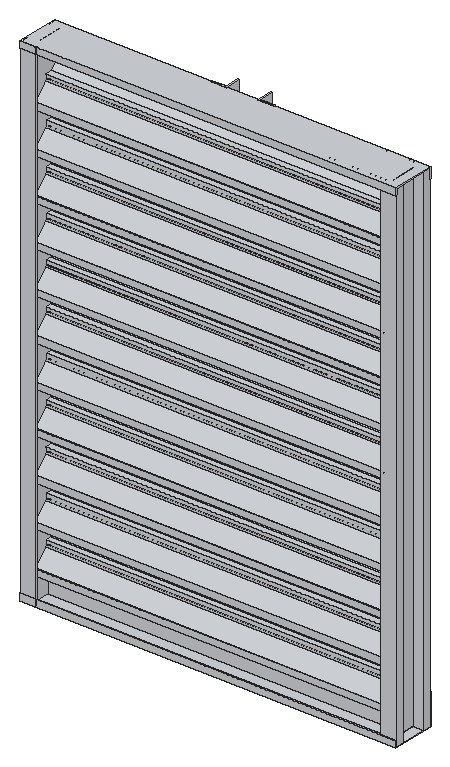
Revit family "SAFL-D-4", category Mechanical Equipment, Revit 2015
Parameters
  URL = "https://unitedenertech.com/catalog/pdf/A_29%20SAFL-D-4.pdf"
  Type Comments = "Max. Single Section Size is (48\"w x 72\"h)"
  Model = "SAFL-D-4"
  Manufacturer = "United Enertech Corporation"
  Exact Width = 3' - 0"
  Exact Height = 4' - 0"
  Description = "4\" Adjustable / Drainable Steel Louver"
  Depth = 0' - 4.0956"
  Blade Spacing [instance] = 0' - 4"
  Blade Number [instance] = (Exact Height - 0' 4 1/2") / Blade Spacing  # 11
  BW [instance] = Exact Width - 0' 2 3/32" - 0' 0 1/8"  # 2' - 9 25/32"
Reference planes (in)
  plane 1 "Center (Front/Back)": y = 0
  plane 2: z = 0
  plane 3 "Center (Left/Right)": x = 0
  plane 4: z = 24
  plane 5: z = 48
  plane 6: x = -18
  plane 7: x = 18
  plane 8: y = -4.0956
  plane 9: z = 0.0478
  plane 10: z = 47.9522
  plane 11: y = -0.0478
  plane 12: y = -4.0478
  plane 13: y = -4
  plane 14: z = 47.4522
  plane 15: x = -3
  plane 16: x = 3
  plane 17: z = 46.13561
  plane 18: z = 3
  plane 19: z = 46.90464
  plane 20: x = 17
  plane 21: x = -17
  plane 22: z = 46.44973
Forms (in)
  Extrusion 1, solid
    sketch origin (34.90286, -55.01531, -11.50264) x (0, 1, 0) y (0, 0, 1)
      loop
        line (50.96751, 12.12764) -> (50.91971, 12.12764) -> (50.91971, 11.50264) -> (55.01531, 11.50264) -> (55.01531, 14.50264) -> (54.96751, 14.50264) -> (54.96751, 11.55044) -> (50.96751, 11.55044) -> (50.96751, 12.12764)
    from -52.90286 to -16.90286
  Extrusion 2, solid
    sketch origin (3, -48.37133, 17.64653) x (0, 1, 0) y (0, 0, 1)
      loop
        line (44.27573, 30.35347) -> (44.27573, 29.72847) -> (44.32353, 29.72847) -> (44.32353, 30.30567) -> (48.32353, 30.30567) -> (48.32353, 29.35347) -> (48.37133, 29.35347) -> (48.37133, 30.35347) -> (44.27573, 30.35347)
    from -21 to 15
  Extrusion 3, solid
    sketch origin (-56.98911, -20.29061, 0) x (1, 0, 0) y (0, 1, 0)
      loop
        line (40.48911, 20.19501) -> (40.48911, 20.24281) -> (38.98911, 20.24281) -> (38.98911, 19.49281) -> (39.98911, 19.49281) -> (39.98911, 16.99281) -> (38.98911, 16.99281) -> (38.98911, 16.24281) -> (40.48911, 16.24281) -> (40.48911, 16.29061) -> (39.03691, 16.29061) -> (39.03691, 16.94501) -> (40.03691, 16.94501) -> (40.03691, 19.54061) -> (39.03691, 19.54061) -> (39.03691, 20.19501) -> (40.48911, 20.19501)
    from 0.0478 to 47.9522
  Extrusion 4, solid
    sketch origin (56.98911, -20.29061, 0) x (-1, 0, 0) y (0, -1, 0)
      loop
        line (40.48911, -20.19501) -> (39.03691, -20.19501) -> (39.03691, -19.54061) -> (40.03691, -19.54061) -> (40.03691, -16.94501) -> (39.03691, -16.94501) -> (39.03691, -16.29061) -> (40.48911, -16.29061) -> (40.48911, -16.24281) -> (38.98911, -16.24281) -> (38.98911, -16.99281) -> (39.98911, -16.99281) -> (39.98911, -19.49281) -> (38.98911, -19.49281) -> (38.98911, -20.24281) -> (40.48911, -20.24281) -> (40.48911, -20.19501)
    from 0.0478 to 47.9522
  Extrusion 5, solid
    sketch origin (0, 0, 0) x (1, 0, 0) y (0, 1, 0)
      loop
        line (-3, 0) -> (-1.5, 0) -> (-1.5, 1.5) -> (-1.625, 1.5) -> (-1.625, 0.125) -> (-3, 0.125) -> (-3, 0)
    from 0 to 48
  Extrusion 6, solid
    sketch origin (0, 0, 0) x (-1, 0, 0) y (0, -1, 0)
      loop
        line (-3, 0) -> (-3, -0.125) -> (-1.625, -0.125) -> (-1.625, -1.5) -> (-1.5, -1.5) -> (-1.5, 0) -> (-3, 0)
    from 0 to 48
  Extrusion 7, solid
    sketch origin (0, 0, 0) x (1, 0, 0) y (0, 1, 0)
      loop
        circle (0, 0.6381) r 0.17048
    from 3 to 46.90464
  Extrusion 8, solid
    sketch origin (0, 0, 0) x (0, 1, 0) y (0, 0, 1)
      loop
        line (-2.0478, 0.0478) -> (-0.5478, 0.0478) -> (-0.5478, 0.1728) -> (-1.9228, 0.1728) -> (-1.9228, 1.5478) -> (-2.0478, 1.5478) -> (-2.0478, 0.0478)
    from -17 to 17
  Extrusion 9, solid
    sketch origin (0, 0, 0) x (0, 1, 0) y (0, 0, 1)
      loop
        line (-2.0478, 47.9522) -> (-3.5478, 47.9522) -> (-3.5478, 47.8272) -> (-2.1728, 47.8272) -> (-2.1728, 46.4522) -> (-2.0478, 46.4522) -> (-2.0478, 47.9522)
    from -17 to 17
Dimensions and locks (in)
  equal spacing: plane 5, plane 4, level
  "Exact Height": plane 5 to level
  equal spacing: plane 6, plane 3 "Center (Left/Right)", plane 7
  "Exact Width": plane 6 to plane 7
  "Depth": plane 1 "Center (Front/Back)" to plane 8
  locked: plane 9 to level at 0.0478
  locked: plane 5 to plane 10 at 0.0478
  locked: plane 12 to plane 8 at 0.0478
  locked: plane 1 "Center (Front/Back)" to plane 11 at 0.0478
  locked: plane 13 to plane 8 at 0.0956
  locked: plane 5 to plane 14 at 0.5478
  equal spacing: plane 15, plane 3 "Center (Left/Right)", plane 16
  locked: plane 15 to plane 16 at 6
  locked: plane 5 to plane 17 at 1.86439
  equal spacing: group 1, group 2, group 3, group 4, group 5, group 6, group 7, group 8, group 17, group 19, group 20  (x2)
  equal spacing: group 20, group 19, group 17, group 8, group 7, group 6, group 5, group 4, group 3, group 2, group 1
  "Blade Spacing": nested 1 to nested 2
  locked: level to plane 18 at 3
  locked: plane 20 to plane 7 at 1
  locked: plane 6 to plane 21 at 1
  locked: plane 5 to plane 19 at 1.09536
  locked: plane 22 to plane 5 at 1.55027
  equal spacing: group 9, group 10, group 11, group 12, group 13, group 14, group 15, group 16, group 18, group 21, group 22  (x2)
  equal spacing: group 22, group 21, group 18, group 16, group 15, group 14, group 13, group 12, group 11, group 10, group 9
  "Blade Spacing": nested 10 to nested 9
  aligned and locked: level to plane 2
  aligned and locked: plane 6 to Extrusion 1
  aligned and locked: plane 7 to Extrusion 1
  aligned and locked: plane 5 to Extrusion 2
  aligned and locked: plane 6 to Extrusion 2
  aligned and locked: plane 7 to Extrusion 2
  aligned and locked: plane 6 to Extrusion 3
  aligned and locked: plane 7 to Extrusion 4
  aligned and locked: Extrusion 4 to plane 9
  aligned and locked: Extrusion 3 to plane 9
  aligned and locked: plane 10 to Extrusion 3
  aligned and locked: plane 10 to Extrusion 4
  aligned and locked: Extrusion 5 to level
  aligned and locked: Extrusion 6 to level
  aligned and locked: plane 5 to Extrusion 5
  aligned and locked: plane 5 to Extrusion 6
  aligned and locked: nested 1 to plane 17
  aligned and locked: Extrusion 7 to Extrusion 1
  aligned and locked: plane 19 to Extrusion 7
  aligned and locked: plane 21 to Extrusion 8
  aligned and locked: plane 20 to Extrusion 8
  aligned and locked: plane 21 to Extrusion 9
  aligned and locked: plane 20 to Extrusion 9
  aligned and locked: plane 3 "Center (Left/Right)" to nested 9
  aligned and locked: nested 9 to plane 13
  aligned and locked: nested 9 to plane 22
Automatic sketch dimensions
  Extrusion 1 sketch curve to plane 8 = 0' - 0"
  Extrusion 1 sketch curve to plane 12 = 0' - 0"
  plane 9 to Extrusion 1 sketch curve = 0' - 0"
  Extrusion 1 sketch curve to plane 11 = 0' - 0"
  Extrusion 1 sketch curve to level = 0' - 0"
  Extrusion 1 sketch curve to plane 1 "Center (Front/Back)" = 0' - 0"
  plane 9 to Extrusion 1 sketch curve = 0' - 0.5772"
  plane 9 to Extrusion 1 sketch curve = 0' - 2.9522"
  Extrusion 3 sketch curve to plane 6 = 0' - 0"  (x2)
  Extrusion 3 sketch curve to plane 13 = 0' - 0"
  Extrusion 3 sketch curve to plane 12 = 0' - 0"
  Extrusion 3 sketch curve to plane 11 = 0' - 0"
  Extrusion 3 sketch curve to plane 6 = 0' - 0.0478"  (x2)
  Extrusion 3 sketch curve to Extrusion 3 sketch curve = 0' - 0.9522"
  Extrusion 3 sketch curve to Extrusion 3 sketch curve = 0' - 0.0478"  (x3)
  Extrusion 3 sketch curve to Extrusion 3 sketch curve = 0' - 0.4522"  (x2)
  Extrusion 3 sketch curve to plane 11 = 0' - 0.0478"
  plane 13 to Extrusion 3 sketch curve = 0' - 0.6544"
  Extrusion 3 sketch curve to plane 11 = 0' - 0 3/4"
  Extrusion 4 sketch curve to plane 7 = 0' - 0"  (x2)
  Extrusion 4 sketch curve to plane 13 = 0' - 0"
  Extrusion 4 sketch curve to plane 12 = 0' - 0"
  Extrusion 4 sketch curve to plane 11 = 0' - 0"
  plane 7 to Extrusion 4 sketch curve = 0' - 0.0478"  (x2)
  Extrusion 4 sketch curve to Extrusion 4 sketch curve = 0' - 0.9522"
  Extrusion 4 sketch curve to Extrusion 4 sketch curve = 0' - 0.0478"  (x3)
  Extrusion 4 sketch curve to Extrusion 4 sketch curve = 0' - 0.4522"  (x2)
  plane 11 to Extrusion 4 sketch curve = 0' - 0.0478"
  Extrusion 4 sketch curve to Extrusion 4 sketch curve = 0' - 0.6544"
  plane 11 to Extrusion 4 sketch curve = 0' - 0 3/4"
  plane 1 "Center (Front/Back)" to Extrusion 5 sketch curve = 0' - 0"
  Extrusion 5 sketch curve to plane 15 = 0' - 0"
  plane 15 to Extrusion 5 sketch curve = 0' - 1 3/8"
  Extrusion 5 sketch curve to Extrusion 5 sketch curve = 0' - 0 1/8"  (x2)
  Extrusion 5 sketch curve to Extrusion 5 sketch curve = 0' - 1 3/8"
  plane 1 "Center (Front/Back)" to Extrusion 6 sketch curve = 0' - 0"
  Extrusion 6 sketch curve to plane 16 = 0' - 0"
  Extrusion 6 sketch curve to plane 16 = 0' - 1 3/8"
  Extrusion 6 sketch curve to Extrusion 6 sketch curve = 0' - 0 1/8"  (x2)
  Extrusion 6 sketch curve to Extrusion 6 sketch curve = 0' - 1 3/8"
  Extrusion 7 sketch curve to plane 3 "Center (Left/Right)" = 0' - 0"
  Extrusion 7 sketch curve to plane 1 "Center (Front/Back)" = 0' - 0.6381"
  Extrusion 8 sketch curve to plane 9 = 0' - 0"
  plane 13 to Extrusion 8 sketch curve = 0' - 1.9522"
  Extrusion 8 sketch curve to Extrusion 8 sketch curve = 0' - 0 1/8"
  plane 9 to Extrusion 8 sketch curve = 0' - 0 1/8"
  Extrusion 8 sketch curve to plane 11 = 0' - 0 1/2"
  Extrusion 8 sketch curve to Extrusion 8 sketch curve = 0' - 1 3/8"
  Extrusion 2 sketch curve to plane 8 = 0' - 0"
  Extrusion 2 sketch curve to plane 10 = 0' - 0"
  Extrusion 2 sketch curve to plane 12 = 0' - 0"
  Extrusion 2 sketch curve to plane 11 = 0' - 0"
  Extrusion 2 sketch curve to plane 1 "Center (Front/Back)" = 0' - 0"
  Extrusion 2 sketch curve to plane 5 = 0' - 0"
  plane 19 to Extrusion 2 sketch curve = 0' - 0.09536"
  Extrusion 2 sketch curve to plane 14 = 0' - 0.0772"
  Extrusion 9 sketch curve to plane 10 = 0' - 0"
  Extrusion 9 sketch curve to plane 10 = 0' - 0 1/8"
  plane 13 to Extrusion 9 sketch curve = 0' - 0.4522"
  Extrusion 9 sketch curve to Extrusion 9 sketch curve = 0' - 1 3/8"
  Extrusion 9 sketch curve to Extrusion 9 sketch curve = 0' - 0 1/8"
  plane 17 to Extrusion 9 sketch curve = 0' - 0.31659"
  radius of Extrusion 7 sketch curve = 0' - 0.17048"
Nested families (in)
  nested 1: "AFLBRACK" at (2.67149, -1.35707, 45.15922) x (1, 0, 0) z (0, 0.7193, -0.6947), type "AFLBRACK"
  nested 2: "AFLBRACK" at (2.67149, -1.35707, 41.15922) x (1, 0, 0) z (0, 0.7193, -0.6947), type "AFLBRACK"
  nested 3: "AFLBRACK" at (2.67149, -1.35707, 37.15922) x (1, 0, 0) z (0, 0.7193, -0.6947), type "AFLBRACK"
  nested 4: "AFLBRACK" at (2.67149, -1.35707, 33.15922) x (1, 0, 0) z (0, 0.7193, -0.6947), type "AFLBRACK"
  nested 5: "AFLBRACK" at (2.67149, -1.35707, 29.15922) x (1, 0, 0) z (0, 0.7193, -0.6947), type "AFLBRACK"
  nested 6: "AFLBRACK" at (2.67149, -1.35707, 25.15922) x (1, 0, 0) z (0, 0.7193, -0.6947), type "AFLBRACK"
  nested 7: "AFLBRACK" at (2.67149, -1.35707, 21.15922) x (1, 0, 0) z (0, 0.7193, -0.6947), type "AFLBRACK"
  nested 8: "AFLBRACK" at (2.67149, -1.35707, 17.15922) x (1, 0, 0) z (0, 0.7193, -0.6947), type "AFLBRACK"
  nested 9: "Blades" at (0, 0.71348, 42.21593), type "Blades"
    with BW 2' - 9 25/32"
  nested 10: "Blades" at (0, 0.71348, 38.21593), type "Blades"
    with BW 2' - 9 25/32"
  nested 11: "Blades" at (0, 0.71348, 34.21593), type "Blades"
    with BW 2' - 9 25/32"
  nested 12: "Blades" at (0, 0.71348, 30.21593), type "Blades"
    with BW 2' - 9 25/32"
  nested 13: "Blades" at (0, 0.71348, 26.21593), type "Blades"
    with BW 2' - 9 25/32"
  nested 14: "Blades" at (0, 0.71348, 22.21593), type "Blades"
    with BW 2' - 9 25/32"
  nested 15: "Blades" at (0, 0.71348, 18.21593), type "Blades"
    with BW 2' - 9 25/32"
  nested 16: "Blades" at (0, 0.71348, 14.21593), type "Blades"
    with BW 2' - 9 25/32"
  nested 17: "AFLBRACK" at (2.67149, -1.35707, 13.15922) x (1, 0, 0) z (0, 0.7193, -0.6947), type "AFLBRACK"
  nested 18: "Blades" at (0, 0.71348, 10.21593), type "Blades"
    with BW 2' - 9 25/32"
  nested 19: "AFLBRACK" at (2.67149, -1.35707, 9.15922) x (1, 0, 0) z (0, 0.7193, -0.6947), type "AFLBRACK"
  nested 20: "AFLBRACK" at (2.67149, -1.35707, 5.15922) x (1, 0, 0) z (0, 0.7193, -0.6947), type "AFLBRACK"
  nested 21: "Blades" at (0, 0.71348, 6.21593), type "Blades"
    with BW 2' - 9 25/32"
  nested 22: "Blades" at (0, 0.71348, 2.21593), type "Blades"
    with BW 2' - 9 25/32"
Definition of nested family "AFLBRACK"
  Reference planes (in)
    plane 1 "Center (Front/Back)": y = 0
    plane 2: z = 0
    plane 3 "Center (Left/Right)": x = 0
  Forms (in)
    Extrusion 1, solid
      sketch origin (-2.68978, 0, 0) x (1, 0, 0) y (0, 1, 0)
        loop
          line (-0.87301, 0.90078) -> (-0.86465, 0.86958) -> (-0.8419, 0.84683) -> (-0.8093, 0.83809) -> (-0.779, 0.84621) -> (-0.75683, 0.86838) -> (-0.74808, 0.90104) -> (-0.77994, 0.95397) -> (-0.81168, 0.96248) -> (-0.8425, 0.95422) -> (-0.86483, 0.93188) -> (-0.87301, 0.90078)
        loop
          line (-0.93538, 0.9154) -> (-0.93206, 0.86544) -> (-0.64736, 0.48722) -> (-0.58911, 0.45359) -> (-0.52742, 0.45359) -> (-0.46383, 0.48167) -> (-0.23166, 0.68275) -> (0.26824, 0.68275) -> (0.50644, 0.47916) -> (0.55228, 0.45269) -> (0.60696, 0.44805) -> (0.65295, 0.46335) -> (0.70069, 0.51109) -> (0.94703, 0.8246) -> (0.96905, 0.87284) -> (0.96905, 0.92278) -> (0.94661, 0.97737) -> (0.90851, 1.01547) -> (0.38693, 1.41977) -> (0.34918, 1.44157) -> (0.30813, 1.44599) -> (-0.27279, 1.44599) -> (-0.31429, 1.44029) -> (-0.34963, 1.41988) -> (-0.8889, 0.99856) -> (-0.91859, 0.96157) -> (-0.93538, 0.9154)
        loop
          line (0.84768, 0.83809) -> (0.87798, 0.84621) -> (0.90014, 0.86838) -> (0.90014, 0.93086) -> (0.87703, 0.95397) -> (0.84529, 0.96248) -> (0.81448, 0.95422) -> (0.79214, 0.93188) -> (0.78396, 0.90078) -> (0.79232, 0.86958) -> (0.81508, 0.84683) -> (0.84768, 0.83809)
      from 0 to 0.05
    Extrusion 2, solid
      sketch origin (-2.46819, 0, 2.56842) x (0, 0, -1) y (0, 1, 0)
        loop
          line (2.51842, 0.68327) -> (2.51842, 1.44594) -> (2.51176, 1.51478) -> (2.48916, 1.57964) -> (2.45293, 1.63829) -> (2.40233, 1.68888) -> (2.34486, 1.72864) -> (2.27938, 1.75164) -> (2.20777, 1.75915) -> (2.13925, 1.75208) -> (2.0744, 1.72832) -> (2.01055, 1.69145) -> (1.9628, 1.63668) -> (1.93051, 1.59239) -> (1.90399, 1.52215) -> (1.8947, 1.44597) -> (1.9075, 1.36441) -> (1.93504, 1.29244) -> (1.97741, 1.23669) -> (2.51842, 0.68327)
        loop
          line (2.41231, 1.4628) -> (2.40418, 1.50788) -> (2.3851, 1.55473) -> (2.35036, 1.5984) -> (2.30889, 1.63032) -> (2.27559, 1.64577) -> (2.24019, 1.65526) -> (2.19928, 1.65862) -> (2.14577, 1.65218) -> (2.1015, 1.63538) -> (2.05219, 1.60094) -> (2.01547, 1.55605) -> (1.99249, 1.50441) -> (1.9852, 1.44645) -> (1.99277, 1.39034) -> (2.01379, 1.3377) -> (2.04799, 1.29226) -> (2.09253, 1.25839) -> (2.14269, 1.23795) -> (2.19928, 1.23067) -> (2.25419, 1.23779) -> (2.31337, 1.26524) -> (2.36192, 1.30922) -> (2.3931, 1.35849) -> (2.40864, 1.40578) -> (2.41231, 1.4628)
      from 0 to 0.05
    Extrusion 3, solid
      sketch origin (-2.87479, 0, 2.56842) x (0, 0, -1) y (0, -1, 0)
        loop
          line (2.51842, -0.68327) -> (1.97741, -1.23669) -> (1.93504, -1.29244) -> (1.9075, -1.36441) -> (1.8947, -1.44597) -> (1.90399, -1.52215) -> (1.93051, -1.59239) -> (1.9628, -1.63668) -> (2.01055, -1.69145) -> (2.0744, -1.72832) -> (2.13925, -1.75208) -> (2.20777, -1.75915) -> (2.27938, -1.75164) -> (2.34486, -1.72864) -> (2.40233, -1.68888) -> (2.45293, -1.63829) -> (2.48916, -1.57964) -> (2.51176, -1.51478) -> (2.51842, -1.44594) -> (2.51842, -0.68327)
        loop
          line (2.41231, -1.4628) -> (2.40864, -1.40578) -> (2.3931, -1.35849) -> (2.36192, -1.30922) -> (2.31337, -1.26524) -> (2.25419, -1.23779) -> (2.19928, -1.23067) -> (2.14269, -1.23795) -> (2.09253, -1.25839) -> (2.04799, -1.29226) -> (2.01379, -1.3377) -> (1.99277, -1.39034) -> (1.9852, -1.44645) -> (1.99249, -1.50441) -> (2.01547, -1.55605) -> (2.05219, -1.60094) -> (2.1015, -1.63538) -> (2.14577, -1.65218) -> (2.19928, -1.65862) -> (2.24019, -1.65526) -> (2.27559, -1.64577) -> (2.30889, -1.63032) -> (2.35036, -1.5984) -> (2.3851, -1.55473) -> (2.40418, -1.50788) -> (2.41231, -1.4628)
      from 0 to 0.05
    Extrusion 4, solid
      sketch origin (0, 0, 0) x (0, 1, 0) y (0, 0, 1)
        loop
          circle (1.44593, 0.36759) r 0.25
      from -2.89968 to -2.44346
    Extrusion 5, solid
      sketch origin (0, 0.21736, 1.14039) x (1, 0, 0) y (0, 0.71934, -0.694658)
        loop
          circle (-2.67211, 1.44599) r 0.13823
      from 0.36066 to 1.36337
    Extrusion 6, solid
      sketch origin (0, 0.21736, 1.14039) x (1, 0, 0) y (0, 0.694658, 0.71934)
        loop
          circle (-2.67801, 1.03548) r 0.25
      from -1.61222 to -1.27315
  Dimensions and locks (in)
    aligned and locked: level to plane 2
Definition of nested family "Blades"
  Parameters (values of type "Blades")
    BW = 3' - 0"
  Reference planes (in)
    plane 1 "Center (Front/Back)": y = 0
    plane 2: z = 0
    plane 3 "Center (Left/Right)": x = 0
    plane 4: x = -18
    plane 5: x = 18
  Forms (in)
    Extrusion 1, solid
      sketch origin (0, 0.45315, -0.21131) x (0, 1, 0) y (0, 0, 1)
        loop
          circle (-3.21663, 2.49511) r 0.25
      from -18 to 18
    Extrusion 2, solid
      sketch origin (0, 0.45315, -0.21131) x (0, 1, 0) y (0, 0, 1)
        loop
          line (-1.57913, 4.44511) -> (-1.57913, 4.39731) -> (-1.38203, 4.39731) -> (-2.93793, 2.84141) -> (-3.56293, 2.84141) -> (-3.56293, 2.21641) -> (-5.11883, 0.66051) -> (-5.11883, 1.17011) -> (-5.16663, 1.17011) -> (-5.16663, 0.54511) -> (-3.51513, 2.19661) -> (-3.51513, 2.79361) -> (-2.91813, 2.79361) -> (-1.26663, 4.44511) -> (-1.57913, 4.44511)
      from -18 to 18
  Dimensions and locks (in)
    equal spacing: plane 5, plane 3 "Center (Left/Right)", plane 4
    "BW": plane 5 to plane 4
    aligned and locked: level to plane 2
    aligned and locked: Extrusion 2 to plane 4
    aligned and locked: Extrusion 2 to plane 5
    aligned and locked: Extrusion 1 to plane 5
    aligned and locked: Extrusion 1 to plane 4
  Automatic sketch dimensions
    plane 1 "Center (Front/Back)" to Extrusion 1 sketch curve = 0' - 2.76348"
    level to Extrusion 1 sketch curve = 0' - 2.2838"
    level to Extrusion 2 sketch curve = 0' - 0.3338"
    plane 1 "Center (Front/Back)" to Extrusion 2 sketch curve = 0' - 4.71348"
    Extrusion 2 sketch curve to Extrusion 2 sketch curve = 0' - 0.0478"  (x4)
    Extrusion 2 sketch curve to Extrusion 2 sketch curve = 0' - 1.5559"  (x2)
    Extrusion 2 sketch curve to Extrusion 2 sketch curve = 0' - 0.5772"
    Extrusion 2 sketch curve to Extrusion 2 sketch curve = 0' - 0.0198"  (x2)
    plane 1 "Center (Front/Back)" to Extrusion 2 sketch curve = 0' - 1.12598"
    Extrusion 2 sketch curve to Extrusion 2 sketch curve = 0' - 0.1971"
    Extrusion 2 sketch curve to Extrusion 2 sketch curve = 0' - 0.1154"  (x2)
    Extrusion 2 sketch curve to Extrusion 2 sketch curve = 0' - 0.5096"
    Extrusion 2 sketch curve to Extrusion 2 sketch curve = 0' - 1.0265"
    Extrusion 2 sketch curve to Extrusion 2 sketch curve = 0' - 0.597"
    radius of Extrusion 1 sketch curve = 0' - 0 1/4"
